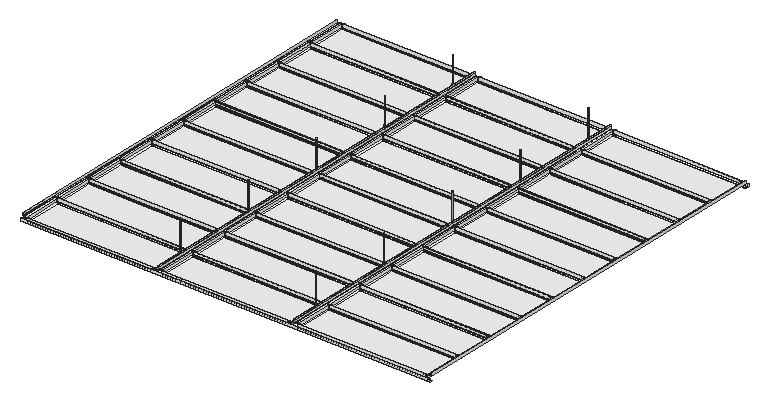
Revit family "FalsoTecho_THU_Bandeja-Siena", category Modelos genéricos, Revit 2016
Family settings
  Tipo de pieza = Normal
  Puede alojar armadura = No
  Cota de conector redondo = Diámetro de uso
  Se basa en plano de trabajo = Sí
  Siempre vertical = No
  Corte con vacíos al cargar = Sí
  Compartido = Sí
  Punto de cálculo de habitación = No
Parameters (values of type "Acero_300x1200")
  Tirantes_Separación real [instance] = (Falso techo_Longitud real - (Tirante inicial_Distancia a extremo * 2)) / (Tirantes_Recuento - 1)  # 775 mm
  Tirantes_Recuento [instance] = (Falso techo_Longitud real - (Tirante inicial_Distancia a extremo * 2)) / Tirante_Separación aproximada + 2  # 5
  Tirante_Separación aproximada [instance] = 1000 mm  # constant formula
  Tirante_Longitud [instance] = THU_Falso techo_Plenum altura + Solape_Perfil y tirante  # 257 mm
  Tirante inicial_Distancia a extremo [instance] = if(Bandejas_Recuento longitudinal < 2, 25 mm, 250 mm)  # 250 mm
  THU_Velo [instance] = no
  THU_Subestructura_Material = "Acero galvanizado"
  THU_Subestructura_Color [instance] = THU_Blanco-RAL9010
  THU_Reacción al fuego = "A2, s1-d0"
  THU_Perfil primario [instance] = if(T24, Perfil T24 Primario, if(T15, Perfil T15 Primario, if(DP100, Perfil DP100, Perfil T24 Primario)))  # Perfil_THU_T24 : Perfil T24-Primario
  THU_Falso techo_Área [instance] = Falso techo_Longitud real * Falso techo_Anchura real  # 13.338 m²
  THU_Falso techo_Plenum altura [instance] = 250 mm
  THU_Falso techo_Longitud [instance] = 3500 mm
  THU_Falso techo_Anchura [instance] = 3500 mm
  THU_Falso techo_Altura libre [instance] = 2500 mm
  THU_Bandeja_Material = "Acero"
  THU_Bandeja_Color [instance] = THU_Blanco-Mate
  THU_Bandeja = Bandeja_THU_Siena-300x1200 : 300x1200
  THU_Acabado [instance] = Acabado_THU_Bandejas : Liso
  Solape_Perfil y tirante = 7 mm  # constant formula
  Página web del producto = ""
  Página web del fabricante = "http://thu.es/"
  Perfiles secundarios_Recuento [instance] = Bandejas_Recuento longitudinal - 1  # 9
  Perfiles primarios_Recuento [instance] = Bandejas_Recuento transversal - 1  # 2
  T24 [instance] = yes
  T15 [instance] = no
  Perfil_Altura [instance] = if(T24, 33 mm, if(T15, 38 mm, if(DP100, 35 mm, 33 mm)))  # 33 mm
  Perfil secundario_Longitud [instance] = Falso techo_Anchura real  # 3705 mm
  Perfil secundario_Intereje [instance] = 360 mm  # constant formula
  Perfil primario_Longitud [instance] = Falso techo_Longitud real  # 3600 mm
  Perfil primario_Intereje [instance] = if(DP100, 1308 mm, 1235 mm)  # 1235 mm
  Perfil perimetral_Perfil cornisa [instance] = Perfiles perimetrales_THU : (D)_Perfil cornisa
  Perfil perimetral_Desfase vertical = 1 mm  # constant formula
  Perfil perimetral_Angular PVC [instance] = Perfiles perimetrales_THU : (F)_Angular PVC
  Perfil perimetral_Anchura [instance] = if(A_L24x24, 24 mm, if(A_15x33, 15 mm, if(D_Perfil cornisa, 18 mm, if(F_Angular PVC, 28 mm, 33 mm))))  # 24 mm
  Perfil perimetral_24x24 [instance] = Perfiles perimetrales_THU : (A)_L24x24
  Perfil perimetral_15x33 [instance] = Perfiles perimetrales_THU : (A)_L15x33
  Perfil perimetral trans_Longitud [instance] = Perfil secundario_Longitud + (Perfil perimetral_Distancia a bandeja * 2) - Bandeja_Desfase inicial  # 3729 mm
  Perfil perimetral long_Longitud [instance] = Falso techo_Longitud real - ((Perfil perimetral_Anchura - Perfil perimetral_Distancia a bandeja) * 2)  # 3576 mm
  Perfil perimetral 04 [instance] = yes
  Perfil perimetral 03 [instance] = yes
  Perfil perimetral 02 [instance] = yes
  Perfil perimetral_Distancia a bandeja [instance] = Perfil perimetral_Anchura / 2  # 12 mm
  Perfil perimetral 01 [instance] = yes
  Perfil perimetral [instance] = if(A_L24x24, Perfil perimetral_24x24, if(A_15x33, Perfil perimetral_15x33, if(D_Perfil cornisa, Perfil perimetral_Perfil cornisa, if(F_Angular PVC, Perfil perimetral_Angular PVC, Perfil perimetral_24x24))))  # Perfiles perimetrales_THU : (A)_L24x24
  Perfil T24 Primario = Perfil_THU_T24 : Perfil T24-Primario
  Perfil T15 Primario = Perfil_THU_T15 : Perfil T15-Primario
  Perfil DP100 = Perfil_THU_DP(100) : Perfil DP100-Primario
  Omniclass = "23-15 19 23 11"
  Número de edición (versión) = 0
  Nombre del objeto = "Bandeja Siena 300x1200"
  NBS Reference Description = "Board suspended ceiling system"
  NBS Reference = "20-10-10/110"
  Model = ""
  Marca = "THU"
  Manual de montaje = ""
  IFC Classification = "IfcCovering (CEILING)"
  Grupo del producto = "Bandejas"
  Ficha técnica = ""
  Ficha resumen = ""
  Fecha de publicación del objeto BIM = ""
  Famila del producto = "Techos metálicos"
  Falso techo_Longitud real [instance] = ((Perfil secundario_Intereje * Bandejas_Recuento longitudinal) - Bandejas_Separación trans) + (Bandeja_Desfase inicial * 2)  # 3600 mm
  Falso techo_Grosor [instance] = Bandeja_Descuelgue + Perfil_Altura  # 70 mm
  Falso techo_Anchura real [instance] = ((Perfil primario_Intereje * Bandejas_Recuento transversal) - Bandejas_Separación trans) + Bandeja_Desfase inicial  # 3705 mm
  Fabricante = "THU Perfil S.L."
  F_Angular PVC [instance] = no
  Default Elevation = 0 mm
  Descripción = "Bandeja THU de 300 x 1200 mm. de longitud de cantos biselados preparada para su instalación sobre perfiles primarios desmontables sean T24, T15 , T35 o perfiles anchos DP en sus diversas medidas. Fabricadas en acero galvanizado o en aluminio, las placas una vez instaladas quedan atestadas las unas unas contra las otras en sus lados longitudinales largos de 1200 mm., y apoyadas descolgadas respecto del perfil en sus lados lados cortos 8 mm., lo que le confiere un rápido y fácil registro en cualquier punto."
  Declaración de prestaciones = ""
  D_Perfil cornisa [instance] = no
  DP100 [instance] = no
  Comentarios de tipo = "Bandeja Siena para techo suspendido, para ser montados en interior de edificios con perfilería THU T24 o perfilería DP."
  COBie Type Category = "L387 : Suspended ceilings"
  Bandejas_Separación long = 0 mm  # constant formula
  Bandejas_Recuento transversal [instance] = THU_Falso techo_Anchura / Perfil primario_Intereje  # 3
  Bandejas_Recuento longitudinal [instance] = THU_Falso techo_Longitud / Perfil secundario_Intereje  # 10
  Bandejas_Recuento [instance] = Bandejas_Recuento longitudinal * Bandejas_Recuento transversal  # 30
  Bandejas_Separación trans [instance] = if(DP100, 73 mm, 0 mm)  # 0 mm
  Bandeja_Longitud = 340 mm  # constant formula
  Bandeja_Grosor = 34.5 mm  # constant formula
  Bandeja_Espesor = 1 mm  # constant formula
  Bandeja_Descuelgue [instance] = if(T15, 36.8 mm, 37 mm)  # 37 mm
  Bandeja_Anchura [instance] = 1235 mm  # constant formula
  Bandeja_Desfase inicial [instance] = Bandejas_Separación trans / 2  # 0 mm
  A_L24x24 [instance] = yes
  A_15x33 [instance] = no
Reference planes
  plane 1 "Centro (Frontal/Posterior)": y = 0
  plane 2: z = 0
  plane 3 "Centro (Izquierda/Derecha)": x = 0
  plane 4 "Bandejas_Límite inferior": z = 2500
  plane 5 "Perfiles_Límite inferior": z = 2537
  plane 6 "Perfiles_Límite superior": z = 2570
  plane 7 "Plano de apoyo longitudinal_Separación rastreles": x = 0
  plane 8 "Plano de apoyo transversal_Separación rastreles": y = 0
  plane 9 "Tirantes_Parte superior": z = 2820
  plane 10 "Tirantes_Parte inferior": z = 2563
  plane 11 "Falso techo_Límite derecho": x = 3500
  plane 12 "Falso techo_Límite superior": y = 3500
  plane 13 "Falso techo_Longitud real": y = 3600
  plane 14 "Falso techo_Anchura real": x = 3705
  plane 15 "Perfiles perimetrales_Límite inferior": z = 2499
Dimensions and locks
  "THU_Falso techo_Altura libre": plane 4 "Bandejas_Límite inferior" to level
  "Bandeja_Descuelgue": plane 5 "Perfiles_Límite inferior" to plane 4 "Bandejas_Límite inferior"
  "Perfil_Altura": plane 6 "Perfiles_Límite superior" to plane 5 "Perfiles_Límite inferior"
  "Bandeja_Desfase inicial": plane 1 "Centro (Frontal/Posterior)" to plane 8 "Plano de apoyo transversal_Separación rastreles"
  "Solape_Perfil y tirante": plane 6 "Perfiles_Límite superior" to plane 10 "Tirantes_Parte inferior"
  "THU_Falso techo_Plenum altura": plane 9 "Tirantes_Parte superior" to plane 6 "Perfiles_Límite superior"
  "THU_Falso techo_Longitud": plane 12 "Falso techo_Límite superior" to plane 8 "Plano de apoyo transversal_Separación rastreles"
  equal spacing: group 1, group 2, group 3, group 4, group 5, group 6, group 13, group 14, group 15, group 16  (x3)
  "Bandejas_Separación long": nested 2 to nested 1
  "Falso techo_Longitud real": plane 1 "Centro (Frontal/Posterior)" to plane 13 "Falso techo_Longitud real"
  "Falso techo_Anchura real": plane 7 "Plano de apoyo longitudinal_Separación rastreles" to plane 14 "Falso techo_Anchura real"
  "Perfil perimetral_Desfase vertical": plane 4 "Bandejas_Límite inferior" to plane 15 "Perfiles perimetrales_Límite inferior"
  group 7 to group 8 = 1235 mm
  group 7 to group 8 = 0 mm  (x2)
  "Perfil primario_Intereje": plane 3 "Centro (Izquierda/Derecha)" to nested 7
  "Perfil primario_Intereje": nested 7 to nested 8
  group 9 to group 10 = 1235 mm
  group 9 to group 10 = 0 mm  (x2)
  "Perfil primario_Intereje": plane 3 "Centro (Izquierda/Derecha)" to nested 9
  "Perfil primario_Intereje": nested 9 to nested 10
  group 11 to group 12 = 1235 mm
  group 11 to group 12 = 0 mm  (x2)
  "Perfil primario_Intereje": plane 7 "Plano de apoyo longitudinal_Separación rastreles" to nested 11
  "Perfil primario_Intereje": nested 11 to nested 12
  "Bandeja_Desfase inicial": plane 7 "Plano de apoyo longitudinal_Separación rastreles" to plane 3 "Centro (Izquierda/Derecha)"
  "THU_Falso techo_Anchura": plane 3 "Centro (Izquierda/Derecha)" to plane 11 "Falso techo_Límite derecho"
  "Perfil perimetral_Distancia a bandeja": nested 17 to plane 3 "Centro (Izquierda/Derecha)"
  "Perfil perimetral_Distancia a bandeja": nested 17 to plane 1 "Centro (Frontal/Posterior)"
  "Perfil perimetral_Distancia a bandeja": plane 14 "Falso techo_Anchura real" to nested 18
  "Perfil perimetral_Distancia a bandeja": nested 19 to plane 13 "Falso techo_Longitud real"
  "Perfil perimetral_Distancia a bandeja": nested 19 to plane 3 "Centro (Izquierda/Derecha)"
  aligned and locked: level to plane 2
  aligned and locked: plane 1 "Centro (Frontal/Posterior)" to nested 1
  aligned and locked: nested 1 to plane 4 "Bandejas_Límite inferior"
  aligned and locked: plane 4 "Bandejas_Límite inferior" to nested 2
  aligned and locked: plane 5 "Perfiles_Límite inferior" to nested 7
  aligned and locked: plane 5 "Perfiles_Límite inferior" to nested 8
  aligned and locked: plane 5 "Perfiles_Límite inferior" to nested 9
  aligned and locked: plane 5 "Perfiles_Límite inferior" to nested 10
  aligned and locked: plane 5 "Perfiles_Límite inferior" to nested 11
  aligned and locked: plane 5 "Perfiles_Límite inferior" to nested 12
  aligned and locked: nested 17 to nested 20  (x2)
  aligned and locked: nested 18 to nested 17
Nested families
  nested 1: "Bandeja_THU_Siena-300x1200" at (0.012, 0, 2500), Bandejas_Recuento transversal <- "Bandejas_Recuento transversal", Bandejas_Separación <- "Bandejas_Separación trans", Bandeja_Grosor <- "Bandeja_Grosor", Bandeja_Longitud <- "Bandeja_Longitud", THU_Material <- "THU_Bandeja_Material", THU_Color <- "THU_Bandeja_Color", Bandeja_Anchura <- "Bandeja_Anchura", type <- "THU_Bandeja", type "300x1200"
    with Vacio_Desfase vertical 1 mm, Vacio_Desfase horizontal der 1234 mm, THU_Recuento (ud) 3, THU_Material "Acero", THU_Color THU_Blanco-Mate, Bandejas_Separación 0 mm, Bandejas_Recuento transversal 3, Bandeja_Longitud 340 mm, Bandeja_Grosor 34.5 mm, Bandeja_Anchura 1235 mm
  nested 2: "Bandeja_THU_Siena-300x1200" at (0.012, 360.017, 2500), Bandejas_Recuento transversal <- "Bandejas_Recuento transversal", Bandejas_Separación <- "Bandejas_Separación trans", Bandeja_Grosor <- "Bandeja_Grosor", Bandeja_Longitud <- "Bandeja_Longitud", THU_Material <- "THU_Bandeja_Material", THU_Color <- "THU_Bandeja_Color", Bandeja_Anchura <- "Bandeja_Anchura", type <- "THU_Bandeja", type "300x1200"
    with Vacio_Desfase vertical 1 mm, Vacio_Desfase horizontal der 1234 mm, THU_Recuento (ud) 3, THU_Material "Acero", THU_Color THU_Blanco-Mate, Bandejas_Separación 0 mm, Bandejas_Recuento transversal 3, Bandeja_Longitud 340 mm, Bandeja_Grosor 34.5 mm, Bandeja_Anchura 1235 mm
  nested 3: "Bandeja_THU_Siena-300x1200" at (0.012, 720.033, 2500), Bandejas_Recuento transversal <- "Bandejas_Recuento transversal", Bandejas_Separación <- "Bandejas_Separación trans", Bandeja_Grosor <- "Bandeja_Grosor", Bandeja_Longitud <- "Bandeja_Longitud", THU_Material <- "THU_Bandeja_Material", THU_Color <- "THU_Bandeja_Color", Bandeja_Anchura <- "Bandeja_Anchura", type <- "THU_Bandeja", type "300x1200"
    with Vacio_Desfase vertical 1 mm, Vacio_Desfase horizontal der 1234 mm, THU_Recuento (ud) 3, THU_Material "Acero", THU_Color THU_Blanco-Mate, Bandejas_Separación 0 mm, Bandejas_Recuento transversal 3, Bandeja_Longitud 340 mm, Bandeja_Grosor 34.5 mm, Bandeja_Anchura 1235 mm
  nested 4: "Bandeja_THU_Siena-300x1200" at (0.012, 1080.05, 2500), Bandejas_Recuento transversal <- "Bandejas_Recuento transversal", Bandejas_Separación <- "Bandejas_Separación trans", Bandeja_Grosor <- "Bandeja_Grosor", Bandeja_Longitud <- "Bandeja_Longitud", THU_Material <- "THU_Bandeja_Material", THU_Color <- "THU_Bandeja_Color", Bandeja_Anchura <- "Bandeja_Anchura", type <- "THU_Bandeja", type "300x1200"
    with Vacio_Desfase vertical 1 mm, Vacio_Desfase horizontal der 1234 mm, THU_Recuento (ud) 3, THU_Material "Acero", THU_Color THU_Blanco-Mate, Bandejas_Separación 0 mm, Bandejas_Recuento transversal 3, Bandeja_Longitud 340 mm, Bandeja_Grosor 34.5 mm, Bandeja_Anchura 1235 mm
  nested 5: "Bandeja_THU_Siena-300x1200" at (0.012, 1440.066, 2500), Bandejas_Recuento transversal <- "Bandejas_Recuento transversal", Bandejas_Separación <- "Bandejas_Separación trans", Bandeja_Grosor <- "Bandeja_Grosor", Bandeja_Longitud <- "Bandeja_Longitud", THU_Material <- "THU_Bandeja_Material", THU_Color <- "THU_Bandeja_Color", Bandeja_Anchura <- "Bandeja_Anchura", type <- "THU_Bandeja", type "300x1200"
    with Vacio_Desfase vertical 1 mm, Vacio_Desfase horizontal der 1234 mm, THU_Recuento (ud) 3, THU_Material "Acero", THU_Color THU_Blanco-Mate, Bandejas_Separación 0 mm, Bandejas_Recuento transversal 3, Bandeja_Longitud 340 mm, Bandeja_Grosor 34.5 mm, Bandeja_Anchura 1235 mm
  nested 6: "Bandeja_THU_Siena-300x1200" at (0.012, 1800.083, 2500), Bandejas_Recuento transversal <- "Bandejas_Recuento transversal", Bandejas_Separación <- "Bandejas_Separación trans", Bandeja_Grosor <- "Bandeja_Grosor", Bandeja_Longitud <- "Bandeja_Longitud", THU_Material <- "THU_Bandeja_Material", THU_Color <- "THU_Bandeja_Color", Bandeja_Anchura <- "Bandeja_Anchura", type <- "THU_Bandeja", type "300x1200"
    with Vacio_Desfase vertical 1 mm, Vacio_Desfase horizontal der 1234 mm, THU_Recuento (ud) 3, THU_Material "Acero", THU_Color THU_Blanco-Mate, Bandejas_Separación 0 mm, Bandejas_Recuento transversal 3, Bandeja_Longitud 340 mm, Bandeja_Grosor 34.5 mm, Bandeja_Anchura 1235 mm
  nested 7: "Perfil_THU_T24" at (1235, 0, 2537), Tirante inicial_Distancia a extremo <- "Tirante inicial_Distancia a extremo", Tirante_Longitud <- "Tirante_Longitud", Tirantes_Recuento <- "Tirantes_Recuento", visible <- "T24", Perfil_Longitud <- "Perfil primario_Longitud", THU_Color <- "THU_Subestructura_Color", THU_Material <- "THU_Subestructura_Material", type "Perfil T24-Primario"
    with Tirantes_Recuento 5, Tirante_Longitud 257 mm, Tirante inicial_Distancia a extremo 250 mm, THU_Recuento (ml) 3600 mm, THU_Material "Acero galvanizado", THU_Color THU_Blanco-RAL9010, Perfil_Longitud 3600 mm, Perfil_Grosor superior 5 mm, Perfil_Grosor base 1 mm, Perfil_Altura alma 27 mm, Perfil_Altura 33 mm
  nested 8: "Perfil_THU_T24" at (2470, 0, 2537), Tirante inicial_Distancia a extremo <- "Tirante inicial_Distancia a extremo", Tirante_Longitud <- "Tirante_Longitud", Tirantes_Recuento <- "Tirantes_Recuento", visible <- "T24", Perfil_Longitud <- "Perfil primario_Longitud", THU_Color <- "THU_Subestructura_Color", THU_Material <- "THU_Subestructura_Material", type "Perfil T24-Primario"
    with Tirantes_Recuento 5, Tirante_Longitud 257 mm, Tirante inicial_Distancia a extremo 250 mm, THU_Recuento (ml) 3600 mm, THU_Material "Acero galvanizado", THU_Color THU_Blanco-RAL9010, Perfil_Longitud 3600 mm, Perfil_Grosor superior 5 mm, Perfil_Grosor base 1 mm, Perfil_Altura alma 27 mm, Perfil_Altura 33 mm
  nested 9: "Perfil_THU_T15" at (1235, 0, 2537), Tirante inicial_Distancia a extremo <- "Tirante inicial_Distancia a extremo", Tirante_Longitud <- "Tirante_Longitud", Tirantes_Recuento <- "Tirantes_Recuento", visible <- "T15", THU_Color <- "THU_Subestructura_Color", THU_Material <- "THU_Subestructura_Material", Perfil_Longitud <- "Perfil primario_Longitud", type "Perfil T15-Primario"
    with Tirantes_Recuento 5, Tirante_Longitud 257 mm, Tirante inicial_Distancia a extremo 250 mm, THU_Recuento (ml) 3600 mm, THU_Material "Acero galvanizado", THU_Color THU_Blanco-RAL9010, Perfil_Longitud 3600 mm, Perfil_Grosor superior 10 mm, Perfil_Grosor base 1.8 mm, Perfil_Altura alma 26.2 mm, Perfil_Altura 38 mm
  nested 10: "Perfil_THU_T15" at (2470, 0, 2537), Tirante inicial_Distancia a extremo <- "Tirante inicial_Distancia a extremo", Tirante_Longitud <- "Tirante_Longitud", Tirantes_Recuento <- "Tirantes_Recuento", visible <- "T15", THU_Color <- "THU_Subestructura_Color", THU_Material <- "THU_Subestructura_Material", Perfil_Longitud <- "Perfil primario_Longitud", type "Perfil T15-Primario"
    with Tirantes_Recuento 5, Tirante_Longitud 257 mm, Tirante inicial_Distancia a extremo 250 mm, THU_Recuento (ml) 3600 mm, THU_Material "Acero galvanizado", THU_Color THU_Blanco-RAL9010, Perfil_Longitud 3600 mm, Perfil_Grosor superior 10 mm, Perfil_Grosor base 1.8 mm, Perfil_Altura alma 26.2 mm, Perfil_Altura 38 mm
  nested 11: "Perfil_THU_DP(100)" at (1235, 0, 2537), visible <- "DP100", Perfil_Longitud <- "Perfil primario_Longitud", THU_Color <- "THU_Subestructura_Color", THU_Material <- "THU_Subestructura_Material", Tirante inicial_Distancia a extremo <- "Tirante inicial_Distancia a extremo", Tirante_Longitud <- "Tirante_Longitud", Tirantes_Recuento <- "Tirantes_Recuento", type "Perfil DP100-Primario"
    with Tirantes_Recuento 5, Tirante_Longitud 257 mm, Tirante inicial_Distancia a extremo 250 mm, THU_Recuento (ml) 3600 mm, THU_Material "Acero galvanizado", THU_Color THU_Blanco-RAL9010, Perfil_Longitud 3600 mm, Perfil_Grosor superior 5 mm, Perfil_Grosor base 1 mm, Perfil_Altura alma 29 mm, Perfil_Altura 35 mm
  nested 12: "Perfil_THU_DP(100)" at (2470, 0, 2537), visible <- "DP100", Perfil_Longitud <- "Perfil primario_Longitud", THU_Color <- "THU_Subestructura_Color", THU_Material <- "THU_Subestructura_Material", Tirante inicial_Distancia a extremo <- "Tirante inicial_Distancia a extremo", Tirante_Longitud <- "Tirante_Longitud", Tirantes_Recuento <- "Tirantes_Recuento", type "Perfil DP100-Primario"
    with Tirantes_Recuento 5, Tirante_Longitud 257 mm, Tirante inicial_Distancia a extremo 250 mm, THU_Recuento (ml) 3600 mm, THU_Material "Acero galvanizado", THU_Color THU_Blanco-RAL9010, Perfil_Longitud 3600 mm, Perfil_Grosor superior 5 mm, Perfil_Grosor base 1 mm, Perfil_Altura alma 29 mm, Perfil_Altura 35 mm
  nested 13: "Bandeja_THU_Siena-300x1200" at (0.012, 2160.099, 2500), Bandejas_Recuento transversal <- "Bandejas_Recuento transversal", Bandejas_Separación <- "Bandejas_Separación trans", Bandeja_Grosor <- "Bandeja_Grosor", Bandeja_Longitud <- "Bandeja_Longitud", THU_Material <- "THU_Bandeja_Material", THU_Color <- "THU_Bandeja_Color", Bandeja_Anchura <- "Bandeja_Anchura", type <- "THU_Bandeja", type "300x1200"
    with Vacio_Desfase vertical 1 mm, Vacio_Desfase horizontal der 1234 mm, THU_Recuento (ud) 3, THU_Material "Acero", THU_Color THU_Blanco-Mate, Bandejas_Separación 0 mm, Bandejas_Recuento transversal 3, Bandeja_Longitud 340 mm, Bandeja_Grosor 34.5 mm, Bandeja_Anchura 1235 mm
  nested 14: "Bandeja_THU_Siena-300x1200" at (0.012, 2520.116, 2500), Bandejas_Recuento transversal <- "Bandejas_Recuento transversal", Bandejas_Separación <- "Bandejas_Separación trans", Bandeja_Grosor <- "Bandeja_Grosor", Bandeja_Longitud <- "Bandeja_Longitud", THU_Material <- "THU_Bandeja_Material", THU_Color <- "THU_Bandeja_Color", Bandeja_Anchura <- "Bandeja_Anchura", type <- "THU_Bandeja", type "300x1200"
    with Vacio_Desfase vertical 1 mm, Vacio_Desfase horizontal der 1234 mm, THU_Recuento (ud) 3, THU_Material "Acero", THU_Color THU_Blanco-Mate, Bandejas_Separación 0 mm, Bandejas_Recuento transversal 3, Bandeja_Longitud 340 mm, Bandeja_Grosor 34.5 mm, Bandeja_Anchura 1235 mm
  nested 15: "Bandeja_THU_Siena-300x1200" at (0.012, 2880.132, 2500), Bandejas_Recuento transversal <- "Bandejas_Recuento transversal", Bandejas_Separación <- "Bandejas_Separación trans", Bandeja_Grosor <- "Bandeja_Grosor", Bandeja_Longitud <- "Bandeja_Longitud", THU_Material <- "THU_Bandeja_Material", THU_Color <- "THU_Bandeja_Color", Bandeja_Anchura <- "Bandeja_Anchura", type <- "THU_Bandeja", type "300x1200"
    with Vacio_Desfase vertical 1 mm, Vacio_Desfase horizontal der 1234 mm, THU_Recuento (ud) 3, THU_Material "Acero", THU_Color THU_Blanco-Mate, Bandejas_Separación 0 mm, Bandejas_Recuento transversal 3, Bandeja_Longitud 340 mm, Bandeja_Grosor 34.5 mm, Bandeja_Anchura 1235 mm
  nested 16: "Bandeja_THU_Siena-300x1200" at (0.012, 3240.149, 2500), Bandejas_Recuento transversal <- "Bandejas_Recuento transversal", Bandejas_Separación <- "Bandejas_Separación trans", Bandeja_Grosor <- "Bandeja_Grosor", Bandeja_Longitud <- "Bandeja_Longitud", THU_Material <- "THU_Bandeja_Material", THU_Color <- "THU_Bandeja_Color", Bandeja_Anchura <- "Bandeja_Anchura", type <- "THU_Bandeja", type "300x1200"
    with Vacio_Desfase vertical 1 mm, Vacio_Desfase horizontal der 1234 mm, THU_Recuento (ud) 3, THU_Material "Acero", THU_Color THU_Blanco-Mate, Bandejas_Separación 0 mm, Bandejas_Recuento transversal 3, Bandeja_Longitud 340 mm, Bandeja_Grosor 34.5 mm, Bandeja_Anchura 1235 mm
  nested 17: "Perfiles perimetrales_THU" at (-12, -12, 2499) x (0, 1, 0) z (0, 0, 1), THU_Color <- "THU_Subestructura_Color", THU_Material <- "THU_Subestructura_Material", Perfil_Anchura <- "Perfil perimetral_Anchura", visible <- "Perfil perimetral 01", Perfil_Longitud <- "Perfil perimetral trans_Longitud", type <- "Perfil perimetral", type "(A)_L24x24"
    with THU_Recuento (ml) 3729 mm, THU_Material "Acero galvanizado", THU_Color THU_Blanco-RAL9010, Perfil_Longitud 3729 mm, Perfil_Anchura 24 mm
  nested 18: "Perfiles perimetrales_THU" at (3717, 12, 2537) x (-1, 0, 0) z (0, 0, 1), THU_Color <- "THU_Subestructura_Color", THU_Material <- "THU_Subestructura_Material", Perfil_Anchura <- "Perfil perimetral_Anchura", visible <- "Perfil perimetral 02", Perfil_Longitud <- "Perfil perimetral long_Longitud", type <- "Perfil perimetral", type "(A)_L24x24"
    with THU_Recuento (ml) 3576 mm, THU_Material "Acero galvanizado", THU_Color THU_Blanco-RAL9010, Perfil_Longitud 3576 mm, Perfil_Anchura 24 mm
  nested 19: "Perfiles perimetrales_THU" at (-12, 3612, 2499) x (0, -1, 0) z (0, 0, 1), THU_Color <- "THU_Subestructura_Color", THU_Material <- "THU_Subestructura_Material", Perfil_Anchura <- "Perfil perimetral_Anchura", visible <- "Perfil perimetral 03", Perfil_Longitud <- "Perfil perimetral trans_Longitud", type <- "Perfil perimetral", type "(A)_L24x24"
    with THU_Recuento (ml) 3729 mm, THU_Material "Acero galvanizado", THU_Color THU_Blanco-RAL9010, Perfil_Longitud 3729 mm, Perfil_Anchura 24 mm
  nested 20: "Perfiles perimetrales_THU" at (-12, 12, 2537), THU_Color <- "THU_Subestructura_Color", THU_Material <- "THU_Subestructura_Material", Perfil_Anchura <- "Perfil perimetral_Anchura", visible <- "Perfil perimetral 04", Perfil_Longitud <- "Perfil perimetral long_Longitud", type <- "Perfil perimetral", type "(A)_L24x24"
    with THU_Recuento (ml) 3576 mm, THU_Material "Acero galvanizado", THU_Color THU_Blanco-RAL9010, Perfil_Longitud 3576 mm, Perfil_Anchura 24 mm
Definition of nested family "Bandeja_THU_Siena-300x1200"
  Parameters (values of type "300x1200")
    THU_Recuento (ud) [instance] = Bandejas_Recuento transversal  # 2
    THU_Mediciones = 1 < 2  # yes
    THU_Material [instance] = "Acero"
    THU_Color [instance] = none
    Vacio_Desfase horizontal der [instance] = Bandeja_Anchura - (Vacio_Desfase horizontal)  # 1234 mm
    Nombre del objeto = "Siena 300x1200"
    Default Elevation = 0 mm
    Vacio_Desfase vertical [instance] = 1 mm
    Bandeja_Inicio extrusión = 0 mm  # constant formula
    Vacio_Desfase horizontal = 1 mm
    Bandejas_Recuento transversal [instance] = 2
    Bandejas_Separación [instance] = 1 mm
    Bandeja_Longitud [instance] = 340 mm
    Bandeja_Grosor [instance] = 34.5 mm
    Bandeja_Anchura [instance] = 1235 mm
  Reference planes
    plane 1 "Centro (Frontal/Posterior)": y = 0
    plane 2: z = 0
    plane 3 "Centro (Izquierda/Derecha)": x = 0
  Forms (mm)
    Extrusion 1, solid, material <- "THU_Color"
      sketch origin (15.799, 350.01, 271.571) x (1, 0, 0) y (0, 0, 1)
        loop
          line (18.971, -271.571) -> (1184.407, -271.571) -> (1194.748, -262.589) -> (1194.748, -240.268)
          arc (1194.748, -240.268) -> (1197.661, -234.962) -> (1203.39, -233.007) r 8.371
          line (1203.39, -233.007) -> (1219.189, -233.007) -> (1219.189, -231.742) -> (1203.391, -231.742)
          arc (1203.391, -231.742) -> (1196.659, -233.99) -> (1193.423, -240.307) r 9.391
          line (1193.423, -240.307) -> (1193.423, -262.019) -> (1183.922, -270.271) -> (19.457, -270.271) -> (9.955, -262.019) -> (9.955, -240.307)
          arc (9.955, -240.307) -> (6.719, -233.99) -> (-0.013, -231.742) r 9.391
          line (-0.013, -231.742) -> (-15.811, -231.742) -> (-15.811, -233.007) -> (-0.012, -233.007)
          arc (-0.012, -233.007) -> (5.717, -234.962) -> (8.63, -240.268) r 8.371
          line (8.63, -240.268) -> (8.63, -262.589) -> (18.971, -271.571)
      from 0 to 340 <- "Bandeja_Longitud"
    Extrusion 2, solid, material <- "THU_Color"
      sketch origin (0, 2.542, 0) x (0, 1, 0) y (0, 0, 1)
        loop
          line (7.468, 1.328) -> (-1.539, 9.202) -> (-1.539, 39.868) -> (-2.539, 39.868) -> (-2.539, 8.748) -> (7.468, 0) -> (7.468, 1.328)
      from 34.925 to 1200
    Extrusion 3, solid, material <- "THU_Color"
      sketch origin (0, 357.477, 0) x (0, -1, 0) y (0, 0, -1)
        loop
          line (7.468, -1.328) -> (7.468, 0) -> (-2.539, -8.748) -> (-2.539, -39.868) -> (-1.539, -39.868) -> (-1.539, -9.202) -> (7.468, -1.328)
      from 34.925 to 1200
    Extrusion 4, solid, material <- "THU_Color"
      sketch origin (1251.799, 350.01, 271.571) x (1, 0, 0) y (0, 0, 1)
        loop
          line (18.971, -271.571) -> (1184.407, -271.571) -> (1194.748, -262.589) -> (1194.748, -240.268)
          arc (1194.748, -240.268) -> (1197.661, -234.962) -> (1203.39, -233.007) r 8.371
          line (1203.39, -233.007) -> (1219.189, -233.007) -> (1219.189, -231.742) -> (1203.391, -231.742)
          arc (1203.391, -231.742) -> (1196.659, -233.99) -> (1193.423, -240.307) r 9.391
          line (1193.423, -240.307) -> (1193.423, -262.019) -> (1183.922, -270.271) -> (19.457, -270.271) -> (9.955, -262.019) -> (9.955, -240.307)
          arc (9.955, -240.307) -> (6.719, -233.99) -> (-0.013, -231.742) r 9.391
          line (-0.013, -231.742) -> (-15.811, -231.742) -> (-15.811, -233.007) -> (-0.012, -233.007)
          arc (-0.012, -233.007) -> (5.717, -234.962) -> (8.63, -240.268) r 8.371
          line (8.63, -240.268) -> (8.63, -262.589) -> (18.971, -271.571)
      from 0 to 340 <- "Bandeja_Longitud"
    Extrusion 5, solid, material <- "THU_Color"
      sketch origin (1236, 2.542, 0) x (0, 1, 0) y (0, 0, 1)
        loop
          line (7.468, 1.328) -> (-1.539, 9.202) -> (-1.539, 39.868) -> (-2.539, 39.868) -> (-2.539, 8.748) -> (7.468, 0) -> (7.468, 1.328)
      from 34.925 to 1200
    Extrusion 6, solid, material <- "THU_Color"
      sketch origin (1236, 357.477, 0) x (0, -1, 0) y (0, 0, -1)
        loop
          line (7.468, -1.328) -> (7.468, 0) -> (-2.539, -8.748) -> (-2.539, -39.868) -> (-1.539, -39.868) -> (-1.539, -9.202) -> (7.468, -1.328)
      from 34.925 to 1200
  Lines and regions (mm)
    reference lines
      curve 1: line (0, 0, 0) -> (0, 600, 0)
      curve 2: line (0, 0, 0) -> (600, 0, 0)
      curve 3: line (600, 0, 0) -> (1200, 0, 0)
  Dimensions and locks
    locked: Extrusion 1 sketch curve to Extrusion 1 sketch curve at 1.3  (x3)
    locked: Extrusion 1 sketch curve to Extrusion 1 sketch curve at 1.325  (x2)
    locked: Extrusion 1 sketch curve to Extrusion 1 sketch curve at 1.265  (x2)
    Extrusion 1 sketch curve to Extrusion 1 sketch curve = 1.3 mm
    "Bandeja_Anchura": Extrusion 1 sketch curve to Extrusion 1 sketch curve
    locked: Extrusion 2 sketch curve to Extrusion 2 sketch curve at 1  (x2)
    locked: Extrusion 3 sketch curve to Extrusion 3 sketch curve at 1  (x2)
    locked: Extrusion 4 sketch curve to Extrusion 4 sketch curve at 1.3  (x3)
    locked: Extrusion 4 sketch curve to Extrusion 4 sketch curve at 1.325  (x2)
    locked: Extrusion 4 sketch curve to Extrusion 4 sketch curve at 1.265  (x2)
    Extrusion 4 sketch curve to Extrusion 4 sketch curve = 1.3 mm
    "Bandeja_Anchura": Extrusion 4 sketch curve to Extrusion 4 sketch curve
    group 1 to group 2 = 1236 mm
    group 1 to group 2 = 0 mm  (x2)
    locked: Extrusion 5 sketch curve to Extrusion 5 sketch curve at 1  (x2)
    locked: Extrusion 6 sketch curve to Extrusion 6 sketch curve at 1  (x2)
    "Bandejas_Separación": Extrusion 1 to Extrusion 4
    aligned and locked: level to plane 2
  Automatic sketch dimensions
    curve 1 to plane 3 "Centro (Izquierda/Derecha)" = 0 mm
    plane 1 "Centro (Frontal/Posterior)" to curve 3 = 0 mm
    plane 3 "Centro (Izquierda/Derecha)" to curve 3 = 600 mm
    curve 2 to curve 3 = 600 mm
    curve 1 to plane 1 "Centro (Frontal/Posterior)" = 600 mm
    Extrusion 1 sketch curve to Extrusion 1 sketch curve = 0.001 mm  (x2)
    Extrusion 1 sketch curve to Extrusion 1 sketch curve = 0.344 mm
    Extrusion 1 sketch curve to Extrusion 1 sketch curve = 0.267 mm  (x2)
    Extrusion 1 sketch curve to Extrusion 1 sketch curve = 8.031 mm  (x2)
    Extrusion 1 sketch curve to Extrusion 1 sketch curve = 9.016 mm
    Extrusion 1 sketch curve to Extrusion 1 sketch curve = 0.486 mm  (x2)
    Extrusion 1 sketch curve to Extrusion 1 sketch curve = 35.268 mm
    Extrusion 1 sketch curve to Extrusion 1 sketch curve = 0.611 mm
    Extrusion 1 sketch curve to Extrusion 1 sketch curve = 20.648 mm  (x2)
    Extrusion 1 sketch curve to Extrusion 1 sketch curve = 0.258 mm  (x2)
    Extrusion 1 sketch curve to Extrusion 1 sketch curve = 0.806 mm  (x2)
    Extrusion 2 sketch curve to Extrusion 2 sketch curve = 30.667 mm  (x2)
    Extrusion 3 sketch curve to Extrusion 3 sketch curve = 9.007 mm  (x2)
    Extrusion 1 sketch curve to Extrusion 1 sketch curve = 15.798 mm
    Extrusion 1 sketch curve to Extrusion 1 sketch curve = 9.501 mm
    Extrusion 4 sketch curve to Extrusion 4 sketch curve = 0.001 mm  (x2)
    Extrusion 4 sketch curve to Extrusion 4 sketch curve = 0.344 mm
    Extrusion 4 sketch curve to Extrusion 4 sketch curve = 0.267 mm  (x2)
    Extrusion 4 sketch curve to Extrusion 4 sketch curve = 8.031 mm  (x2)
    Extrusion 4 sketch curve to Extrusion 4 sketch curve = 9.016 mm
    Extrusion 4 sketch curve to Extrusion 4 sketch curve = 0.486 mm  (x2)
    Extrusion 4 sketch curve to Extrusion 4 sketch curve = 35.268 mm
    Extrusion 4 sketch curve to Extrusion 4 sketch curve = 0.611 mm
    Extrusion 4 sketch curve to Extrusion 4 sketch curve = 20.648 mm  (x2)
    Extrusion 4 sketch curve to Extrusion 4 sketch curve = 0.258 mm  (x2)
    Extrusion 4 sketch curve to Extrusion 4 sketch curve = 0.806 mm  (x2)
    Extrusion 4 sketch curve to Extrusion 4 sketch curve = 15.798 mm
    Extrusion 4 sketch curve to Extrusion 4 sketch curve = 9.501 mm
    Extrusion 3 sketch curve to Extrusion 3 sketch curve = 1.328 mm  (x2)
    Extrusion 3 sketch curve to Extrusion 3 sketch curve = 30.667 mm  (x2)
    Extrusion 2 sketch curve to Extrusion 2 sketch curve = 9.007 mm  (x2)
    Extrusion 2 sketch curve to Extrusion 2 sketch curve = 1.328 mm  (x2)
    Extrusion 5 sketch curve to Extrusion 5 sketch curve = 9.007 mm
    Extrusion 5 sketch curve to Extrusion 5 sketch curve = 1.328 mm
    Extrusion 5 sketch curve to Extrusion 5 sketch curve = 30.667 mm
    Extrusion 6 sketch curve to Extrusion 6 sketch curve = 9.007 mm
    Extrusion 6 sketch curve to Extrusion 6 sketch curve = 1.328 mm
    Extrusion 6 sketch curve to Extrusion 6 sketch curve = 30.667 mm
Definition of nested family "Perfil_THU_T24"
  Parameters (values of type "Perfil T24-Secundario")
    Tirantes_Recuento [instance] = 2
    Tirantes = no
    Tirante_Longitud [instance] = 250 mm
    Tirante inicial_Distancia a extremo [instance] = 250 mm
    THU_Recuento (ml) [instance] = Perfil_Longitud  # 1000 mm
    THU_Mediciones = 1 < 2  # yes
    THU_Material [instance] = "Acero galvanizado"
    THU_Color [instance] = none
    Perfil_Longitud [instance] = 1000 mm
    Perfil_Anchura base = 24 mm  # constant formula
    Perfil_Grosor base [instance] = 1 mm  # constant formula
    Perfil_Anchura superior = 6.5 mm  # constant formula
    Perfil_Altura [instance] = 33 mm
    Nombre del objeto = "Perfil T24"
    Default Elevation = 0 mm
    Perfil_Grosor alma = 1 mm  # constant formula
    Perfil_Grosor superior [instance] = 5 mm  # constant formula
    Perfil_Altura alma [instance] = Perfil_Altura - (Perfil_Grosor base + Perfil_Grosor superior)  # 27 mm
  Types (2, lengths in mm): name | Tirantes
    Perfil T24-Primario | yes
    Perfil T24-Secundario | no
  Reference planes
    plane 1 "Centro (Frontal/Posterior)": y = 0
    plane 2: z = 0
    plane 3 "Centro (Izquierda/Derecha)": x = 0
    plane 4 "Perfil_Cara superior": z = 33
    plane 5 "Tirante_Cara inferior": z = 26
  Forms (mm)
    Extrusion 1, solid, material <- "THU_Color", detail levels medium+fine
      sketch origin (0, 0, 47.063) x (1, 0, 0) y (0, 0, -1)
        loop
          line (3.25, 14.063) -> (3.25, 19.063) -> (0.5, 19.063) -> (0.5, 46.063) -> (12, 46.063) -> (12, 47.063) -> (-12, 47.062) -> (-12, 46.062) -> (-0.5, 46.063) -> (-0.5, 19.063) -> (-3.25, 19.063) -> (-3.25, 14.063) -> (3.25, 14.063)
      from 0 to 1000
  Lines and regions (mm)
    reference lines
      curve 1: line (-19.494, 0, 0) -> (20.506, 0, 0)
  Dimensions and locks
    "Perfil_Anchura superior": Extrusion 1 sketch curve to Extrusion 1 sketch curve
    equal spacing: Extrusion 1 sketch curve, plane 3 "Centro (Izquierda/Derecha)", Extrusion 1 sketch curve  (x3)
    "Perfil_Grosor alma": Extrusion 1 sketch curve to Extrusion 1 sketch curve
    "Perfil_Grosor superior": Extrusion 1 sketch curve to Extrusion 1 sketch curve
    "Perfil_Altura alma": Extrusion 1 sketch curve to Extrusion 1 sketch curve
    "Perfil_Anchura base": Extrusion 1 sketch curve to Extrusion 1 sketch curve
    "Perfil_Longitud": Extrusion 1 to Extrusion 1
    "Perfil_Altura": plane 4 "Perfil_Cara superior" to level
    "Tirante inicial_Distancia a extremo": plane 1 "Centro (Frontal/Posterior)" to nested 1
    locked: plane 4 "Perfil_Cara superior" to plane 5 "Tirante_Cara inferior" at 7
    group 1 to group 2 = 0 mm  (x2)
    group 1 to group 2 = 500 mm
    "Tirante inicial_Distancia a extremo": Extrusion 1 to nested 2
    "Perfil_Grosor base": Extrusion 1 sketch curve to Extrusion 1 sketch curve
    aligned and locked: level to plane 2
    aligned and locked: Extrusion 1 sketch curve to Extrusion 1 sketch curve
    aligned and locked: Extrusion 1 to level
    aligned and locked: plane 4 "Perfil_Cara superior" to Extrusion 1  (x2)
    aligned and locked: plane 3 "Centro (Izquierda/Derecha)" to nested 1
    aligned and locked: nested 1 to plane 5 "Tirante_Cara inferior"  (x2)
    aligned and locked: nested 2 to plane 5 "Tirante_Cara inferior"
    aligned and locked: plane 2 to curve 1
    aligned and locked: curve 1 to Extrusion 1 sketch curve
  Automatic sketch dimensions
    curve 1 to plane 3 "Centro (Izquierda/Derecha)" = 19.494 mm
    plane 3 "Centro (Izquierda/Derecha)" to curve 1 = 20.506 mm
    Extrusion 1 sketch curve to Extrusion 1 sketch curve = 0 mm
  Nested families
    nested 1: "Tirantes_THU" at (0, 250, 26), Tirante_Longitud <- "Tirante_Longitud", visible <- "Tirantes", Tirante_Material <- "THU_Color", type "Tirante - Perfiles", detail levels fine
      with Tirante_Material none, Tirante_Longitud 250 mm
    nested 2: "Tirantes_THU" at (0, 750, 26), Tirante_Longitud <- "Tirante_Longitud", visible <- "Tirantes", Tirante_Material <- "THU_Color", type "Tirante - Perfiles", detail levels fine
      with Tirante_Material none, Tirante_Longitud 250 mm
  Definition of nested family "Tirantes_THU"
    Parameters (values of type "Tirante - Perfil triangular")
      Tirante_Material [instance] = none
      Tirante_Longitud [instance] = 250 mm
      Pieza de cuelgue_Altura = 20 mm
      Pieza de cualgue_Anchura = 26 mm
      Perfiles = no
      Perfil triangular = yes
      Rastreles = no
      Default Elevation = 0 mm
    Types (3, lengths in mm): name | Pieza de cuelgue_Altura | Pieza de cualgue_Anchura | Perfiles | Perfil triangular | Rastreles
      Tirante - Rastreles | 40 | 10 | no | no | yes
      Tirante - Perfil triangular | 20 | 26 | no | yes | no
      Tirante - Perfiles | 20 | 10.5 | yes | no | no
    Reference planes
      plane 1 "Centro (Frontal/Posterior)": y = 0
      plane 2: z = 0
      plane 3 "Centro (Izquierda/Derecha)": x = 0
      plane 4 "Perfil_Cara superior": z = 20
      plane 5 "Tirantes_Límite superior": z = 250
      plane 6 "Pieza de cuelgue_Lateral izquierdo": x = -13
      plane 7 "Pieza de cuelgue_Lateral derecho": x = 13
    Forms (mm)
      Extrusion 1, solid, material <- "Tirante_Material"
        sketch origin (0, 0, 0) x (1, 0, 0) y (0, 1, 0)
          loop
            circle (0, 0) r 1.5
        from 20 to 250
      Extrusion 2, solid, material <- "Tirante_Material", visible <- "Perfiles"
        sketch origin (0, 0, 0) x (1, 0, 0) y (0, 0, 1)
          loop
            line (-13, 20) -> (-13, 0) -> (-8.759, 0) -> (-8.759, 2) -> (-10.518, 2) -> (-10.518, 11) -> (10.518, 11) -> (10.518, 2) -> (8.759, 2) -> (8.759, 0) -> (13, 0) -> (13, 20) -> (-13, 20)
        from -1 to 1
      Extrusion 3, solid, material <- "Tirante_Material", visible <- "Perfil triangular"
        sketch origin (0, 0, 0) x (1, 0, 0) y (0, 0, 1)
          loop
            line (0, 20) -> (-13, 20) -> (-13, 18) -> (-1, 18) -> (-1, 2.022) -> (-13, 2.022) -> (-13, 0) -> (0, 0) -> (13, 0) -> (13, 2.022) -> (1, 2.022) -> (1, 18) -> (13, 18) -> (13, 20) -> (0, 20)
        from -7.5 to 7.5
      Extrusion 4, solid, material <- "Tirante_Material", visible <- "Rastreles"
        sketch origin (0, 0, 0) x (1, 0, 0) y (0, 0, 1)
          loop
            line (-13, 0) -> (13, 0) -> (13, 20) -> (-13, 20) -> (-13, 0)
        from -1 to 1
    Dimensions and locks
      equal spacing: Extrusion 2, plane 1 "Centro (Frontal/Posterior)", Extrusion 2
      "Tirante_Longitud": plane 5 "Tirantes_Límite superior" to level
      "Pieza de cuelgue_Altura": plane 4 "Perfil_Cara superior" to level
      "Pieza de cualgue_Anchura": plane 7 "Pieza de cuelgue_Lateral derecho" to plane 6 "Pieza de cuelgue_Lateral izquierdo"
      equal spacing: plane 7 "Pieza de cuelgue_Lateral derecho", plane 3 "Centro (Izquierda/Derecha)", plane 6 "Pieza de cuelgue_Lateral izquierdo"
      locked: Extrusion 2 sketch curve to Extrusion 2 sketch curve at 2.482  (x2)
      locked: Extrusion 2 sketch curve to Extrusion 2 sketch curve at 9
      locked: Extrusion 2 sketch curve to Extrusion 2 sketch curve at 4.241  (x2)
      locked: Extrusion 3 sketch curve to Extrusion 3 sketch curve at 2  (x2)
      locked: Extrusion 3 sketch curve to Extrusion 3 sketch curve at 2.022
      aligned and locked: level to plane 2
      aligned and locked: plane 5 "Tirantes_Límite superior" to Extrusion 1
      aligned and locked: Extrusion 1 to plane 4 "Perfil_Cara superior"
      aligned and locked: Extrusion 1 to Extrusion 2
      aligned and locked: Extrusion 2 to level
      aligned and locked: Extrusion 3 sketch curve to Extrusion 3 sketch curve  (x4)
      aligned and locked: plane 4 "Perfil_Cara superior" to Extrusion 4 sketch curve
      aligned and locked: plane 7 "Pieza de cuelgue_Lateral derecho" to Extrusion 4 sketch curve
      aligned and locked: Extrusion 4 sketch curve to plane 6 "Pieza de cuelgue_Lateral izquierdo"
      aligned and locked: plane 6 "Pieza de cuelgue_Lateral izquierdo" to Extrusion 2 sketch curve
      aligned and locked: Extrusion 3 sketch curve to plane 7 "Pieza de cuelgue_Lateral derecho"
      aligned and locked: Extrusion 3 sketch curve to plane 6 "Pieza de cuelgue_Lateral izquierdo"
      aligned and locked: Extrusion 2 sketch curve to Extrusion 2 sketch curve
    Automatic sketch dimensions
      plane 1 "Centro (Frontal/Posterior)" to Extrusion 1 sketch curve = 0 mm
      Extrusion 1 sketch curve to plane 3 "Centro (Izquierda/Derecha)" = 0 mm
      Extrusion 2 sketch curve to level = 0 mm  (x2)
      Extrusion 2 sketch curve to plane 4 "Perfil_Cara superior" = 0 mm
      level to Extrusion 2 sketch curve = 2 mm
      Extrusion 3 sketch curve to plane 4 "Perfil_Cara superior" = 0 mm
      Extrusion 3 sketch curve to level = 0 mm
      Extrusion 3 sketch curve to plane 3 "Centro (Izquierda/Derecha)" = 0 mm  (x2)
      plane 3 "Centro (Izquierda/Derecha)" to Extrusion 3 sketch curve = 1 mm
      Extrusion 2 sketch curve to plane 7 "Pieza de cuelgue_Lateral derecho" = 0 mm
      Extrusion 4 sketch curve to level = 0 mm
      radius of Extrusion 1 sketch curve = 1.5 mm
Definition of nested family "Perfil_THU_T15"
  Parameters (values of type "Perfil T15-Secundario")
    Tirantes_Recuento [instance] = 2
    Tirantes = no
    Tirante_Longitud [instance] = 250 mm
    Tirante inicial_Distancia a extremo [instance] = 250 mm
    THU_Recuento (ml) [instance] = Perfil_Longitud  # 1000 mm
    THU_Mediciones = 1 < 2  # yes
    THU_Material [instance] = "Acero galvanizado"
    THU_Color [instance] = none
    Perfil_Longitud [instance] = 1000 mm
    Perfil_Anchura base = 15 mm  # constant formula
    Perfil_Grosor base [instance] = 1.8 mm  # constant formula
    Perfil_Anchura superior = 6.5 mm  # constant formula
    Perfil_Altura [instance] = 38 mm
    Nombre del objeto = "Perfil T15"
    Default Elevation = 0 mm
    Perfil_Grosor alma = 1 mm  # constant formula
    Perfil_Grosor superior [instance] = 10 mm  # constant formula
    Perfil_Altura alma [instance] = Perfil_Altura - (Perfil_Grosor base + Perfil_Grosor superior)  # 26.2 mm
  Types (2, lengths in mm): name | Tirantes
    Perfil T15-Primario | yes
    Perfil T15-Secundario | no
  Reference planes
    plane 1 "Centro (Frontal/Posterior)": y = 0
    plane 2: z = 0
    plane 3 "Centro (Izquierda/Derecha)": x = 0
    plane 4 "Perfil_Cara superior": z = 38
    plane 5 "Tirante_Cara inferior": z = 26
  Forms (mm)
    Extrusion 1, solid, material <- "THU_Color", detail levels medium+fine
      sketch origin (0, 0, 47.063) x (1, 0, 0) y (0, 0, -1)
        loop
          line (3.25, 9.063) -> (3.25, 19.063) -> (0.5, 19.063) -> (0.5, 45.263) -> (7.5, 45.263) -> (7.5, 47.063) -> (-7.5, 47.063) -> (-7.5, 45.263) -> (-0.5, 45.263) -> (-0.5, 19.063) -> (-3.25, 19.063) -> (-3.25, 9.063) -> (3.25, 9.063)
      from 0 to 1000
  Lines and regions (mm)
    reference lines
      curve 1: line (-17.5, 0, 0) -> (18.546, 0, 0)
  Dimensions and locks
    "Perfil_Anchura superior": Extrusion 1 sketch curve to Extrusion 1 sketch curve
    equal spacing: Extrusion 1 sketch curve, plane 3 "Centro (Izquierda/Derecha)", Extrusion 1 sketch curve  (x3)
    "Perfil_Grosor alma": Extrusion 1 sketch curve to Extrusion 1 sketch curve
    "Perfil_Grosor superior": Extrusion 1 sketch curve to Extrusion 1 sketch curve
    "Perfil_Altura alma": Extrusion 1 sketch curve to Extrusion 1 sketch curve
    "Perfil_Anchura base": Extrusion 1 sketch curve to Extrusion 1 sketch curve
    "Perfil_Longitud": Extrusion 1 to Extrusion 1
    "Perfil_Altura": plane 4 "Perfil_Cara superior" to level
    "Tirante inicial_Distancia a extremo": plane 1 "Centro (Frontal/Posterior)" to nested 1
    locked: plane 4 "Perfil_Cara superior" to plane 5 "Tirante_Cara inferior" at 12
    group 1 to group 2 = 0 mm  (x2)
    group 1 to group 2 = 500 mm
    "Tirante inicial_Distancia a extremo": Extrusion 1 to nested 2
    "Perfil_Grosor base": Extrusion 1 sketch curve to Extrusion 1 sketch curve
    aligned and locked: level to plane 2
    aligned and locked: Extrusion 1 sketch curve to Extrusion 1 sketch curve
    aligned and locked: Extrusion 1 to level
    aligned and locked: plane 4 "Perfil_Cara superior" to Extrusion 1  (x2)
    aligned and locked: plane 3 "Centro (Izquierda/Derecha)" to nested 1
    aligned and locked: nested 2 to plane 5 "Tirante_Cara inferior"
    aligned and locked: plane 5 "Tirante_Cara inferior" to nested 1
    aligned and locked: curve 1 to level
    aligned and locked: curve 1 to Extrusion 1 sketch curve
  Automatic sketch dimensions
    curve 1 to plane 3 "Centro (Izquierda/Derecha)" = 17.5 mm
    plane 3 "Centro (Izquierda/Derecha)" to curve 1 = 18.546 mm
    Extrusion 1 sketch curve to Extrusion 1 sketch curve = 0 mm
  Nested families
    nested 1: "Tirantes_THU" at (0, 250, 26), Tirante_Longitud <- "Tirante_Longitud", visible <- "Tirantes", Tirante_Material <- "THU_Color", type "Tirante - Perfiles", detail levels fine
      with Tirante_Material none, Tirante_Longitud 250 mm
    nested 2: "Tirantes_THU" at (0, 750, 26), Tirante_Longitud <- "Tirante_Longitud", visible <- "Tirantes", Tirante_Material <- "THU_Color", type "Tirante - Perfiles", detail levels fine
      with Tirante_Material none, Tirante_Longitud 250 mm
  Definition of nested family "Tirantes_THU"
    Parameters (values of type "Tirante - Perfil triangular")
      Tirante_Material [instance] = none
      Tirante_Longitud [instance] = 250 mm
      Pieza de cuelgue_Altura = 20 mm
      Pieza de cualgue_Anchura = 26 mm
      Perfiles = no
      Perfil triangular = yes
      Rastreles = no
      Default Elevation = 0 mm
    Types (3, lengths in mm): name | Pieza de cuelgue_Altura | Pieza de cualgue_Anchura | Perfiles | Perfil triangular | Rastreles
      Tirante - Rastreles | 40 | 10 | no | no | yes
      Tirante - Perfil triangular | 20 | 26 | no | yes | no
      Tirante - Perfiles | 20 | 10.5 | yes | no | no
    Reference planes
      plane 1 "Centro (Frontal/Posterior)": y = 0
      plane 2: z = 0
      plane 3 "Centro (Izquierda/Derecha)": x = 0
      plane 4 "Perfil_Cara superior": z = 20
      plane 5 "Tirantes_Límite superior": z = 250
      plane 6 "Pieza de cuelgue_Lateral izquierdo": x = -13
      plane 7 "Pieza de cuelgue_Lateral derecho": x = 13
    Forms (mm)
      Extrusion 1, solid, material <- "Tirante_Material"
        sketch origin (0, 0, 0) x (1, 0, 0) y (0, 1, 0)
          loop
            circle (0, 0) r 1.5
        from 20 to 250
      Extrusion 2, solid, material <- "Tirante_Material", visible <- "Perfiles"
        sketch origin (0, 0, 0) x (1, 0, 0) y (0, 0, 1)
          loop
            line (-13, 20) -> (-13, 0) -> (-8.759, 0) -> (-8.759, 2) -> (-10.518, 2) -> (-10.518, 11) -> (10.518, 11) -> (10.518, 2) -> (8.759, 2) -> (8.759, 0) -> (13, 0) -> (13, 20) -> (-13, 20)
        from -1 to 1
      Extrusion 3, solid, material <- "Tirante_Material", visible <- "Perfil triangular"
        sketch origin (0, 0, 0) x (1, 0, 0) y (0, 0, 1)
          loop
            line (0, 20) -> (-13, 20) -> (-13, 18) -> (-1, 18) -> (-1, 2.022) -> (-13, 2.022) -> (-13, 0) -> (0, 0) -> (13, 0) -> (13, 2.022) -> (1, 2.022) -> (1, 18) -> (13, 18) -> (13, 20) -> (0, 20)
        from -7.5 to 7.5
      Extrusion 4, solid, material <- "Tirante_Material", visible <- "Rastreles"
        sketch origin (0, 0, 0) x (1, 0, 0) y (0, 0, 1)
          loop
            line (-13, 0) -> (13, 0) -> (13, 20) -> (-13, 20) -> (-13, 0)
        from -1 to 1
    Dimensions and locks
      equal spacing: Extrusion 2, plane 1 "Centro (Frontal/Posterior)", Extrusion 2
      "Tirante_Longitud": plane 5 "Tirantes_Límite superior" to level
      "Pieza de cuelgue_Altura": plane 4 "Perfil_Cara superior" to level
      "Pieza de cualgue_Anchura": plane 7 "Pieza de cuelgue_Lateral derecho" to plane 6 "Pieza de cuelgue_Lateral izquierdo"
      equal spacing: plane 7 "Pieza de cuelgue_Lateral derecho", plane 3 "Centro (Izquierda/Derecha)", plane 6 "Pieza de cuelgue_Lateral izquierdo"
      locked: Extrusion 2 sketch curve to Extrusion 2 sketch curve at 2.482  (x2)
      locked: Extrusion 2 sketch curve to Extrusion 2 sketch curve at 9
      locked: Extrusion 2 sketch curve to Extrusion 2 sketch curve at 4.241  (x2)
      locked: Extrusion 3 sketch curve to Extrusion 3 sketch curve at 2  (x2)
      locked: Extrusion 3 sketch curve to Extrusion 3 sketch curve at 2.022
      aligned and locked: level to plane 2
      aligned and locked: plane 5 "Tirantes_Límite superior" to Extrusion 1
      aligned and locked: Extrusion 1 to plane 4 "Perfil_Cara superior"
      aligned and locked: Extrusion 1 to Extrusion 2
      aligned and locked: Extrusion 2 to level
      aligned and locked: Extrusion 3 sketch curve to Extrusion 3 sketch curve  (x4)
      aligned and locked: plane 4 "Perfil_Cara superior" to Extrusion 4 sketch curve
      aligned and locked: plane 7 "Pieza de cuelgue_Lateral derecho" to Extrusion 4 sketch curve
      aligned and locked: Extrusion 4 sketch curve to plane 6 "Pieza de cuelgue_Lateral izquierdo"
      aligned and locked: plane 6 "Pieza de cuelgue_Lateral izquierdo" to Extrusion 2 sketch curve
      aligned and locked: Extrusion 3 sketch curve to plane 7 "Pieza de cuelgue_Lateral derecho"
      aligned and locked: Extrusion 3 sketch curve to plane 6 "Pieza de cuelgue_Lateral izquierdo"
      aligned and locked: Extrusion 2 sketch curve to Extrusion 2 sketch curve
    Automatic sketch dimensions
      plane 1 "Centro (Frontal/Posterior)" to Extrusion 1 sketch curve = 0 mm
      Extrusion 1 sketch curve to plane 3 "Centro (Izquierda/Derecha)" = 0 mm
      Extrusion 2 sketch curve to level = 0 mm  (x2)
      Extrusion 2 sketch curve to plane 4 "Perfil_Cara superior" = 0 mm
      level to Extrusion 2 sketch curve = 2 mm
      Extrusion 3 sketch curve to plane 4 "Perfil_Cara superior" = 0 mm
      Extrusion 3 sketch curve to level = 0 mm
      Extrusion 3 sketch curve to plane 3 "Centro (Izquierda/Derecha)" = 0 mm  (x2)
      plane 3 "Centro (Izquierda/Derecha)" to Extrusion 3 sketch curve = 1 mm
      Extrusion 2 sketch curve to plane 7 "Pieza de cuelgue_Lateral derecho" = 0 mm
      Extrusion 4 sketch curve to level = 0 mm
      radius of Extrusion 1 sketch curve = 1.5 mm
Definition of nested family "Perfil_THU_DP(100)"
  Parameters (values of type "Perfil DP100-Primario")
    Tirantes_Recuento [instance] = 2
    Tirantes = yes
    Tirante_Longitud [instance] = 250 mm
    Tirante inicial_Distancia a extremo [instance] = 250 mm
    THU_Recuento (ml) [instance] = Perfil_Longitud  # 1000 mm
    THU_Mediciones = 1 < 2  # yes
    THU_Material [instance] = "Acero galvanizado"
    THU_Color [instance] = none
    Perfil_Longitud [instance] = 1000 mm
    Perfil_Anchura base = 100 mm  # constant formula
    Perfil_Grosor base [instance] = 1 mm  # constant formula
    Perfil_Anchura superior = 6.5 mm  # constant formula
    Perfil_Altura [instance] = 35 mm
    Nombre del objeto = "Perfil DP100"
    Default Elevation = 0 mm
    Perfil_Grosor alma = 1 mm  # constant formula
    Perfil_Grosor superior [instance] = 5 mm  # constant formula
    Perfil_Altura alma [instance] = Perfil_Altura - (Perfil_Grosor base + Perfil_Grosor superior)  # 29 mm
  Types (2, lengths in mm): name | Tirantes
    Perfil DP100-Primario | yes
    Perfil DP100-Secundario | no
  Reference planes
    plane 1 "Centro (Frontal/Posterior)": y = 0
    plane 2: z = 0
    plane 3 "Centro (Izquierda/Derecha)": x = 0
    plane 4 "Perfil_Cara superior": z = 35
    plane 5 "Tirante_Cara inferior": z = 1
  Forms (mm)
    Extrusion 1, solid, material <- "THU_Color", detail levels medium+fine
      sketch origin (0, 0, 47.063) x (1, 0, 0) y (0, 0, -1)
        loop
          line (36.183, 46.063) -> (50, 46.063) -> (50, 47.063) -> (-50, 47.063) -> (-50, 46.063) -> (-36.183, 46.063) -> (-36.183, 12.063) -> (-28.683, 12.063) -> (-28.683, 22.063) -> (-29.683, 22.063) -> (-29.683, 13.063) -> (-35.183, 13.063) -> (-35.183, 46.063) -> (0, 46.063) -> (35.183, 46.063) -> (35.183, 13.063) -> (29.683, 13.063) -> (29.683, 22.063) -> (28.683, 22.063) -> (28.683, 12.063) -> (36.183, 12.063) -> (36.183, 46.063)
      from 0 to 1000
  Lines and regions (mm)
    reference lines
      curve 1: line (-65, 0, 0) -> (65, 0, 0)
  Dimensions and locks
    equal spacing: Extrusion 1 sketch curve, plane 3 "Centro (Izquierda/Derecha)", Extrusion 1 sketch curve
    "Perfil_Anchura base": Extrusion 1 sketch curve to Extrusion 1 sketch curve
    "Perfil_Longitud": Extrusion 1 to Extrusion 1
    "Perfil_Altura": plane 4 "Perfil_Cara superior" to level
    "Tirante inicial_Distancia a extremo": plane 1 "Centro (Frontal/Posterior)" to nested 1
    locked: plane 4 "Perfil_Cara superior" to plane 5 "Tirante_Cara inferior" at 34
    group 1 to group 2 = 0 mm  (x2)
    group 1 to group 2 = 500 mm
    "Tirante inicial_Distancia a extremo": Extrusion 1 to nested 2
    "Perfil_Grosor base": Extrusion 1 sketch curve to Extrusion 1 sketch curve
    aligned and locked: level to plane 2
    aligned and locked: Extrusion 1 to level
    aligned and locked: plane 3 "Centro (Izquierda/Derecha)" to nested 1
    aligned and locked: nested 1 to plane 5 "Tirante_Cara inferior"  (x2)
    aligned and locked: nested 2 to plane 5 "Tirante_Cara inferior"
    aligned and locked: curve 1 to level
    aligned and locked: curve 1 to Extrusion 1 sketch curve
  Automatic sketch dimensions
    curve 1 to plane 3 "Centro (Izquierda/Derecha)" = 65 mm
    plane 3 "Centro (Izquierda/Derecha)" to curve 1 = 65 mm
    Extrusion 1 sketch curve to plane 4 "Perfil_Cara superior" = 0 mm  (x2)
    Extrusion 1 sketch curve to plane 5 "Tirante_Cara inferior" = 0 mm  (x2)
    Extrusion 1 sketch curve to plane 3 "Centro (Izquierda/Derecha)" = 0 mm
    Extrusion 1 sketch curve to Extrusion 1 sketch curve = 13.817 mm
    Extrusion 1 sketch curve to Extrusion 1 sketch curve = 1 mm  (x4)
    Extrusion 1 sketch curve to Extrusion 1 sketch curve = 5.5 mm
    plane 3 "Centro (Izquierda/Derecha)" to Extrusion 1 sketch curve = 28.683 mm
    Extrusion 1 sketch curve to Extrusion 1 sketch curve = 14.817 mm
    Extrusion 1 sketch curve to plane 4 "Perfil_Cara superior" = 1 mm  (x2)
    Extrusion 1 sketch curve to Extrusion 1 sketch curve = 9 mm  (x2)
  Nested families
    nested 1: "Tirantes_THU" at (0, 250, 1), Tirante_Longitud <- "Tirante_Longitud", visible <- "Tirantes", Tirante_Material <- "THU_Color", type "Tirante - Rastreles", detail levels fine
      with Tirante_Material none, Tirante_Longitud 250 mm
    nested 2: "Tirantes_THU" at (0, 750, 1), Tirante_Longitud <- "Tirante_Longitud", visible <- "Tirantes", Tirante_Material <- "THU_Color", type "Tirante - Rastreles", detail levels fine
      with Tirante_Material none, Tirante_Longitud 250 mm
  Definition of nested family "Tirantes_THU"
    Parameters (values of type "Tirante - Perfil triangular")
      Tirante_Material [instance] = none
      Tirante_Longitud [instance] = 250 mm
      Pieza de cuelgue_Altura = 20 mm
      Pieza de cualgue_Anchura = 26 mm
      Perfiles = no
      Perfil triangular = yes
      Rastreles = no
      Default Elevation = 0 mm
    Types (3, lengths in mm): name | Pieza de cuelgue_Altura | Pieza de cualgue_Anchura | Perfiles | Perfil triangular | Rastreles
      Tirante - Rastreles | 40 | 10 | no | no | yes
      Tirante - Perfil triangular | 20 | 26 | no | yes | no
      Tirante - Perfiles | 20 | 10.5 | yes | no | no
    Reference planes
      plane 1 "Centro (Frontal/Posterior)": y = 0
      plane 2: z = 0
      plane 3 "Centro (Izquierda/Derecha)": x = 0
      plane 4 "Perfil_Cara superior": z = 20
      plane 5 "Tirantes_Límite superior": z = 250
      plane 6 "Pieza de cuelgue_Lateral izquierdo": x = -13
      plane 7 "Pieza de cuelgue_Lateral derecho": x = 13
    Forms (mm)
      Extrusion 1, solid, material <- "Tirante_Material"
        sketch origin (0, 0, 0) x (1, 0, 0) y (0, 1, 0)
          loop
            circle (0, 0) r 1.5
        from 20 to 250
      Extrusion 2, solid, material <- "Tirante_Material", visible <- "Perfiles"
        sketch origin (0, 0, 0) x (1, 0, 0) y (0, 0, 1)
          loop
            line (-13, 20) -> (-13, 0) -> (-8.759, 0) -> (-8.759, 2) -> (-10.518, 2) -> (-10.518, 11) -> (10.518, 11) -> (10.518, 2) -> (8.759, 2) -> (8.759, 0) -> (13, 0) -> (13, 20) -> (-13, 20)
        from -1 to 1
      Extrusion 3, solid, material <- "Tirante_Material", visible <- "Perfil triangular"
        sketch origin (0, 0, 0) x (1, 0, 0) y (0, 0, 1)
          loop
            line (0, 20) -> (-13, 20) -> (-13, 18) -> (-1, 18) -> (-1, 2.022) -> (-13, 2.022) -> (-13, 0) -> (0, 0) -> (13, 0) -> (13, 2.022) -> (1, 2.022) -> (1, 18) -> (13, 18) -> (13, 20) -> (0, 20)
        from -7.5 to 7.5
      Extrusion 4, solid, material <- "Tirante_Material", visible <- "Rastreles"
        sketch origin (0, 0, 0) x (1, 0, 0) y (0, 0, 1)
          loop
            line (-13, 0) -> (13, 0) -> (13, 20) -> (-13, 20) -> (-13, 0)
        from -1 to 1
    Dimensions and locks
      equal spacing: Extrusion 2, plane 1 "Centro (Frontal/Posterior)", Extrusion 2
      "Tirante_Longitud": plane 5 "Tirantes_Límite superior" to level
      "Pieza de cuelgue_Altura": plane 4 "Perfil_Cara superior" to level
      "Pieza de cualgue_Anchura": plane 7 "Pieza de cuelgue_Lateral derecho" to plane 6 "Pieza de cuelgue_Lateral izquierdo"
      equal spacing: plane 7 "Pieza de cuelgue_Lateral derecho", plane 3 "Centro (Izquierda/Derecha)", plane 6 "Pieza de cuelgue_Lateral izquierdo"
      locked: Extrusion 2 sketch curve to Extrusion 2 sketch curve at 2.482  (x2)
      locked: Extrusion 2 sketch curve to Extrusion 2 sketch curve at 9
      locked: Extrusion 2 sketch curve to Extrusion 2 sketch curve at 4.241  (x2)
      locked: Extrusion 3 sketch curve to Extrusion 3 sketch curve at 2  (x2)
      locked: Extrusion 3 sketch curve to Extrusion 3 sketch curve at 2.022
